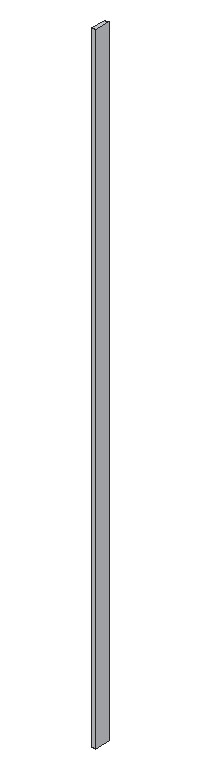
Revit family "Thing", category Generic Models, Revit 2018
Family settings
  Can host rebar = No
  Round Connector Dimension = Use Diameter
  Part Type = Normal
  Work Plane-Based = No
  Always vertical = Yes
  Cut with Voids When Loaded = No
  Shared = No
  Room Calculation Point = No
Parameters
  Width = 100 mm
  Height = 4000 mm
  Depth = 20 mm
Reference planes
  plane 1 "Center (Front/Back)": y = 0
  plane 2: z = 0
  plane 3 "Center (Left/Right)": x = 0
Forms (mm)
  Extrusion 1, solid
    sketch origin (0, 0, 0) x (1, 0, 0) y (0, 1, 0)
      loop
        line (-10, 50) -> (-10, -50) -> (10, -50) -> (10, 50) -> (-10, 50)
    from 0 to 4000
Dimensions and locks
  "Depth": Extrusion 1 to Extrusion 1
  "Width": Extrusion 1 to Extrusion 1
  equal spacing: Extrusion 1, plane 1 "Center (Front/Back)", Extrusion 1
  equal spacing: Extrusion 1, plane 3 "Center (Left/Right)", Extrusion 1
  "Height": level to Extrusion 1
  aligned and locked: level to plane 2
Automatic sketch dimensions
  Extrusion 1 sketch curve to plane 3 "Center (Left/Right)" = 10 mm
  plane 3 "Center (Left/Right)" to Extrusion 1 sketch curve = 10 mm
  plane 1 "Center (Front/Back)" to Extrusion 1 sketch curve = 50 mm
  Extrusion 1 sketch curve to plane 1 "Center (Front/Back)" = 50 mm
